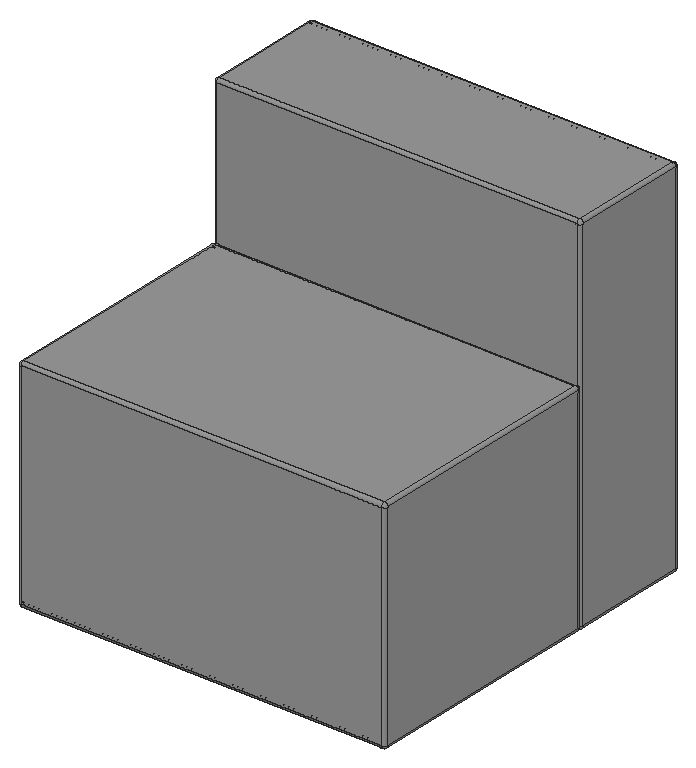
Revit family "TS1022 Elevate Wind 1.5 Lounge Chair", category Generic Models, Revit 2018
Family settings
  Can host rebar = No
  Round Connector Dimension = Use Diameter
  Part Type = Normal
  Work Plane-Based = No
  Always vertical = Yes
  Cut with Voids When Loaded = No
  Shared = No
  Room Calculation Point = No
Parameters
  Seat Fabric = TS1022 Lounge 1.5 Seat Fabric
  Back Fabric = TS1022 Lounge 1.5 Back Fabric
Reference planes (in)
  plane 1 "Center (Front/Back)": y = 0
  plane 2: z = 0
  plane 3 "Center (Left/Right)": x = 0
Forms (in)
  Sweep 1, solid, material "TS1022 Lounge 1.5 Back Fabric" <- "Back Fabric"
    path origin (0, 0, 0) x (0, 1, 0) y (0, 0, 1)
      loop
        line (4.73021, 29.75) -> (-4.73021, 29.75)
        arc (-4.73021, 29.75) -> (-4.7442, 29.7442) -> (-4.75, 29.73021) r 0.01979
        line (-4.75, 29.73021) -> (-4.75, 0.26979)
        arc (-4.75, 0.26979) -> (-4.7442, 0.2558) -> (-4.73021, 0.25) r 0.01979
        line (-4.73021, 0.25) -> (4.73021, 0.25)
        arc (4.73021, 0.25) -> (4.7442, 0.2558) -> (4.75, 0.26979) r 0.01979
        line (4.75, 0.26979) -> (4.75, 29.73021)
        arc (4.75, 29.73021) -> (4.7442, 29.7442) -> (4.73021, 29.75) r 0.01979
    profile origin (0, 0, 29.75) x (0, 0, -1) y (1, 0, 0)
      loop
        line (0, -15) -> (0, 15)
        arc (0, 15) -> (-0.17678, 14.92678) -> (-0.25, 14.75) r 0.25
        line (-0.25, 14.75) -> (-0.25, -14.75)
        arc (-0.25, -14.75) -> (-0.17678, -14.92678) -> (0, -15) r 0.25
  Extrusion 2, solid, material "TS1022 Lounge 1.5 Back Fabric" <- "Back Fabric"
    sketch origin (0, 0, 0) x (0, 1, 0) y (0, 0, 1)
      loop
        arc (4.73021, 0.25) -> (4.7442, 0.2558) -> (4.75, 0.26979) r 0.01979
        line (4.75, 0.26979) -> (4.75, 29.73021)
        arc (4.75, 29.73021) -> (4.7442, 29.7442) -> (4.73021, 29.75) r 0.01979
        line (4.73021, 29.75) -> (-4.73021, 29.75)
        arc (-4.73021, 29.75) -> (-4.7442, 29.7442) -> (-4.75, 29.73021) r 0.01979
        line (-4.75, 29.73021) -> (-4.75, 0.26979)
        arc (-4.75, 0.26979) -> (-4.7442, 0.2558) -> (-4.73021, 0.25) r 0.01979
        line (-4.73021, 0.25) -> (4.73021, 0.25)
    from -15 to 15
  Sweep 3, solid, material "TS1022 Lounge 1.5 Seat Fabric" <- "Seat Fabric"
    path origin (0, -20, 0) x (0, 1, 0) y (0, 0, 1)
      loop
        line (14.73021, 17.75) -> (-4.73021, 17.75)
        arc (-4.73021, 17.75) -> (-4.7442, 17.7442) -> (-4.75, 17.73021) r 0.01979
        line (-4.75, 17.73021) -> (-4.75, 0.26979)
        arc (-4.75, 0.26979) -> (-4.7442, 0.2558) -> (-4.73021, 0.25) r 0.01979
        line (-4.73021, 0.25) -> (14.73021, 0.25)
        arc (14.73021, 0.25) -> (14.7442, 0.2558) -> (14.75, 0.26979) r 0.01979
        line (14.75, 0.26979) -> (14.75, 17.73021)
        arc (14.75, 17.73021) -> (14.7442, 17.7442) -> (14.73021, 17.75) r 0.01979
    profile origin (0, -15, 17.75) x (0, 0, -1) y (1, 0, 0)
      loop
        line (0, -15) -> (0, 15)
        arc (0, 15) -> (-0.17678, 14.92678) -> (-0.25, 14.75) r 0.25
        line (-0.25, 14.75) -> (-0.25, -14.75)
        arc (-0.25, -14.75) -> (-0.17678, -14.92678) -> (0, -15) r 0.25
  Extrusion 4, solid, material "TS1022 Lounge 1.5 Seat Fabric" <- "Seat Fabric"
    sketch origin (0, -20, 0) x (0, 1, 0) y (0, 0, 1)
      loop
        arc (14.73021, 0.25) -> (14.7442, 0.2558) -> (14.75, 0.26979) r 0.01979
        line (14.75, 0.26979) -> (14.75, 17.73021)
        arc (14.75, 17.73021) -> (14.7442, 17.7442) -> (14.73021, 17.75) r 0.01979
        line (14.73021, 17.75) -> (-4.73021, 17.75)
        arc (-4.73021, 17.75) -> (-4.7442, 17.7442) -> (-4.75, 17.73021) r 0.01979
        line (-4.75, 17.73021) -> (-4.75, 0.26979)
        arc (-4.75, 0.26979) -> (-4.7442, 0.2558) -> (-4.73021, 0.25) r 0.01979
        line (-4.73021, 0.25) -> (14.73021, 0.25)
    from -15 to 15
Dimensions and locks (in)
  aligned and locked: plane 2 to level
